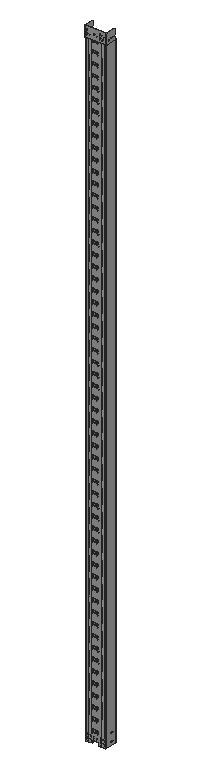
Revit family "Kabelrinne MKSM- MKSM 610 FS", category Generic Models, Revit 2017
Family settings
  Can host rebar = No
  Round Connector Dimension = Use Diameter
  Part Type = Normal
  Work Plane-Based = No
  Always vertical = Yes
  Cut with Voids When Loaded = No
  Shared = No
  Room Calculation Point = No
Parameters (values of type "MKSM 610 FS")
  Width/2 = Width 2 / 2  # 51.75 mm
  Width 2 = 103.5 mm
  Width 1 = Width / 2  # 50 mm
  Width = 100 mm
  URL = "http://www.obo-bettermann.com"
  Material = Strip galvanised
  Manufacturer Art.No. = "6059000"
  Manufacturer = "OBO BETTERMANN"
  Length = 3000 mm
  GTIN = "4012195829553"
  Cut's space 2 = 101.7 mm
  Cut's space = 50.8 mm
  Cut's number 3 = 28
  Cut's number 2 = 2
  Cut's number = Length / Cut's space  # 59
  Article Type = "MKSM 610 FS"
Reference planes
  plane 1 "Center (Front/Back)": y = 0
  plane 2: z = 0
  plane 3 "Center (Left/Right)": x = 0
  plane 4: y = 54
  plane 5: y = 54
  plane 6: x = -31
  plane 7: x = 31
  plane 8: y = -3.5
  plane 9: z = 3000
  plane 10: y = 48.25
  plane 11: y = -1.75
  plane 12: x = -51.75
  plane 13: x = 51.75
  plane 14: z = 3051.5
  plane 15: y = 17.5
  plane 16: y = 13.25
  plane 17: z = 3023.5
  plane 18: z = 3006.53
  plane 19: z = 3015.03
  plane 20: z = 3021.5
  plane 21: y = 21.485
  plane 22: y = -0.765
  plane 23: z = 3036.5
  plane 24: y = -0.805
  plane 25: y = 17.5
  plane 26: z = 3006.53
  plane 27: z = 3023.5
  plane 28: y = 9
  plane 29: y = 21.445
  plane 30: z = 3021.5
  plane 31: z = 3016.5
  plane 32: z = 3016.624
  plane 33: z = 3024.527
  plane 34: z = 3013.5
  plane 35: y = 24.795
  plane 36: y = 28.795
  plane 37: z = 3041.5
  plane 38: z = 3031.5
  plane 39: y = 10.722
  plane 40: y = 19.972
  plane 41: z = 35.85
  plane 42: z = 10.3
  plane 43: y = 32.222
  plane 44: y = 36.222
  plane 45: y = 28.222
  plane 46: z = 14.7
  plane 47: z = 50.8
  plane 48: y = 24.722
  plane 49: y = 36.222
  plane 50: y = 11.222
  plane 51: z = 10.3
  plane 52: y = 19.972
  plane 53: z = 35.85
  plane 54: y = 10.722
  plane 55: y = 11.966
  plane 56: y = 36.222
  plane 57: y = 24.722
  plane 58: z = 14.7
  plane 59: x = -0.25
  plane 60: z = 3026.08
  plane 61: x = 30.75
  plane 62: x = -31.25
  plane 63: z = 152.5
  plane 64: x = 31
  plane 65: x = -31
  plane 66: z = 254.215
  plane 67: x = 31
  plane 68: x = -31
  plane 69: z = 355.931
  plane 70: x = 31
  plane 71: x = -31
  plane 72: z = 457.646
  plane 73: x = 31
  plane 74: x = -31
  plane 75: z = 559.362
  plane 76: x = 31
  plane 77: x = -31
  plane 78: z = 661.077
  plane 79: x = 31
  plane 80: x = -31
  plane 81: z = 762.793
  plane 82: x = 31
  plane 83: x = -31
  plane 84: z = 864.508
  plane 85: x = 31
  plane 86: x = -31
  plane 87: z = 966.224
  plane 88: x = 31
  plane 89: x = -31
  plane 90: z = 1067.939
  plane 91: x = 31
  plane 92: x = -31
  plane 93: z = 1169.655
  plane 94: x = 31
  plane 95: x = -31
  plane 96: z = 1271.37
  plane 97: x = 31
  plane 98: x = -31
  plane 99: z = 1373.085
  plane 100: x = 31
  plane 101: x = -31
  plane 102: z = 1474.801
  plane 103: x = 31
  plane 104: x = -31
  plane 105: z = 1576.516
  plane 106: x = 31
  plane 107: x = -31
  plane 108: z = 1678.232
  plane 109: x = 31
  plane 110: x = -31
  plane 111: z = 1779.947
  plane 112: x = 31
  plane 113: x = -31
  plane 114: z = 1881.663
  plane 115: x = 31
  plane 116: x = -31
  plane 117: z = 1983.378
  plane 118: x = 31
  plane 119: x = -31
  plane 120: z = 2085.094
  plane 121: x = 31
  plane 122: x = -31
  plane 123: z = 2186.809
  plane 124: x = 31
  plane 125: x = -31
  plane 126: z = 2288.525
  plane 127: x = 31
  plane 128: x = -31
  plane 129: z = 2390.24
  plane 130: x = 31
  plane 131: x = -31
  plane 132: z = 2491.956
  plane 133: x = 31
  plane 134: x = -31
  plane 135: z = 2593.671
  plane 136: x = 31
  plane 137: x = -31
  plane 138: z = 2695.386
  plane 139: x = 31
  plane 140: x = -31
  plane 141: z = 2797.102
  plane 142: x = 31
  plane 143: x = -31
  plane 144: z = 2898.817
  plane 145: x = 31
  plane 146: x = -31
  plane 147: z = 152.5
  plane 148: x = -31
  plane 149: z = 254.172
  plane 150: x = -31
  plane 151: z = 355.843
  plane 152: x = -31
  plane 153: z = 457.515
  plane 154: x = -31
  plane 155: z = 559.187
  plane 156: x = -31
  plane 157: z = 660.859
  plane 158: x = -31
  plane 159: z = 762.53
  plane 160: x = -31
  plane 161: z = 864.202
  plane 162: x = -31
  plane 163: z = 965.874
  plane 164: x = -31
  plane 165: z = 1067.546
  plane 166: x = -31
  plane 167: z = 1169.217
  plane 168: x = -31
  plane 169: z = 1270.889
  plane 170: x = -31
  plane 171: z = 1372.561
  plane 172: x = -31
  plane 173: z = 1474.233
  plane 174: x = -31
  plane 175: z = 1575.904
  plane 176: x = -31
  plane 177: z = 1677.576
  plane 178: x = -31
  plane 179: z = 1779.248
  plane 180: x = -31
  plane 181: z = 1880.919
  plane 182: x = -31
  plane 183: z = 1982.591
  plane 184: x = -31
  plane 185: z = 2084.263
  plane 186: x = -31
  plane 187: z = 2185.935
  plane 188: x = -31
  plane 189: z = 2287.606
  plane 190: x = -31
  plane 191: z = 2389.278
  plane 192: x = -31
  plane 193: z = 2490.95
  plane 194: x = -31
  plane 195: z = 2592.622
  plane 196: x = -31
  plane 197: z = 2694.293
  plane 198: x = -31
  plane 199: z = 2795.965
  plane 200: x = -31
  plane 201: z = 2897.637
  plane 202: x = -31
  plane 203: x = 31
  plane 204: x = -31
  plane 205: z = 25.1
  plane 206: z = 29.85
  plane 207: z = 20.35
  plane 208: x = -31
  plane 209: x = 31
  plane 210: z = 25.1
  plane 211: z = 29.85
  plane 212: z = 20.35
  plane 213: z = 25.1
  plane 214: x = 5
  plane 215: z = 27.1
  plane 216: z = 23.1
  plane 217: x = 2.979
  plane 218: z = 28.1
  plane 219: z = 22.1
  plane 220: z = 76.25
  plane 221: y = 11.222
  plane 222: y = 36.222
  plane 223: z = 127.039
  plane 224: y = 11.222
  plane 225: y = 36.222
  plane 226: z = 177.827
  plane 227: y = 11.222
  plane 228: y = 36.222
  plane 229: z = 228.616
  plane 230: y = 11.222
  plane 231: y = 36.222
  plane 232: z = 279.405
  plane 233: y = 11.222
  plane 234: y = 36.222
  plane 235: z = 330.193
  plane 236: y = 11.222
  plane 237: y = 36.222
  plane 238: z = 380.982
  plane 239: y = 11.222
  plane 240: y = 36.222
  plane 241: z = 431.771
  plane 242: y = 11.222
  plane 243: y = 36.222
  plane 244: z = 482.559
  plane 245: y = 11.222
  plane 246: y = 36.222
  plane 247: z = 533.348
  plane 248: y = 11.222
  plane 249: y = 36.222
  plane 250: z = 584.137
  plane 251: y = 11.222
  plane 252: y = 36.222
  plane 253: z = 634.925
  plane 254: y = 11.222
  plane 255: y = 36.222
  plane 256: z = 685.714
  plane 257: y = 11.222
  plane 258: y = 36.222
  plane 259: z = 736.503
  plane 260: y = 11.222
  plane 261: y = 36.222
  plane 262: z = 787.292
  plane 263: y = 11.222
  plane 264: y = 36.222
  plane 265: z = 838.08
  plane 266: y = 11.222
  plane 267: y = 36.222
  plane 268: z = 888.869
  plane 269: y = 11.222
  plane 270: y = 36.222
  plane 271: z = 939.658
  plane 272: y = 11.222
  plane 273: y = 36.222
  plane 274: z = 990.446
  plane 275: y = 11.222
  plane 276: y = 36.222
  plane 277: z = 1041.235
  plane 278: y = 11.222
  plane 279: y = 36.222
  plane 280: z = 1092.024
  plane 281: y = 11.222
  plane 282: y = 36.222
  plane 283: z = 1142.812
  plane 284: y = 11.222
  plane 285: y = 36.222
  plane 286: z = 1193.601
  plane 287: y = 11.222
  plane 288: y = 36.222
  plane 289: z = 1244.39
  plane 290: y = 11.222
  plane 291: y = 36.222
  plane 292: z = 1295.178
  plane 293: y = 11.222
  plane 294: y = 36.222
  plane 295: z = 1345.967
  plane 296: y = 11.222
  plane 297: y = 36.222
  plane 298: z = 1396.756
  plane 299: y = 11.222
  plane 300: y = 36.222
  plane 301: z = 1447.544
  plane 302: y = 11.222
  plane 303: y = 36.222
  plane 304: z = 1498.333
  plane 305: y = 11.222
  plane 306: y = 36.222
  plane 307: z = 1549.122
  plane 308: y = 11.222
  plane 309: y = 36.222
  plane 310: z = 1599.91
  plane 311: y = 11.222
  plane 312: y = 36.222
  plane 313: z = 1650.699
  plane 314: y = 11.222
  plane 315: y = 36.222
  plane 316: z = 1701.488
  plane 317: y = 11.222
  plane 318: y = 36.222
  plane 319: z = 1752.276
  plane 320: y = 11.222
  plane 321: y = 36.222
  plane 322: z = 1803.065
  plane 323: y = 11.222
  plane 324: y = 36.222
  plane 325: z = 1853.854
  plane 326: y = 11.222
  plane 327: y = 36.222
  plane 328: z = 1904.642
  plane 329: y = 11.222
  plane 330: y = 36.222
  plane 331: z = 1955.431
  plane 332: y = 11.222
  plane 333: y = 36.222
  plane 334: z = 2006.22
  plane 335: y = 11.222
  plane 336: y = 36.222
  plane 337: z = 2057.009
  plane 338: y = 11.222
  plane 339: y = 36.222
  plane 340: z = 2107.797
  plane 341: y = 11.222
  plane 342: y = 36.222
  plane 343: z = 2158.586
  plane 344: y = 11.222
  plane 345: y = 36.222
  plane 346: z = 2209.375
  plane 347: y = 11.222
  plane 348: y = 36.222
  plane 349: z = 2260.163
  plane 350: y = 11.222
  plane 351: y = 36.222
  plane 352: z = 2310.952
  plane 353: y = 11.222
  plane 354: y = 36.222
  plane 355: z = 2361.741
  plane 356: y = 11.222
  plane 357: y = 36.222
  plane 358: z = 2412.529
  plane 359: y = 11.222
  plane 360: y = 36.222
  plane 361: z = 2463.318
  plane 362: y = 11.222
  plane 363: y = 36.222
  plane 364: z = 2514.107
  plane 365: y = 11.222
  plane 366: y = 36.222
  plane 367: z = 2564.895
  plane 368: y = 11.222
  plane 369: y = 36.222
  plane 370: z = 2615.684
  plane 371: y = 11.222
  plane 372: y = 36.222
  plane 373: z = 2666.473
  plane 374: y = 11.222
  plane 375: y = 36.222
  plane 376: z = 2717.261
  plane 377: y = 11.222
  plane 378: y = 36.222
  plane 379: z = 2768.05
  plane 380: y = 11.222
  plane 381: y = 36.222
  plane 382: z = 2818.839
  plane 383: y = 11.222
  plane 384: y = 36.222
  plane 385: z = 2869.627
  plane 386: y = 11.222
  plane 387: y = 36.222
  plane 388: z = 2920.416
  plane 389: y = 11.222
  plane 390: y = 36.222
  plane 391: z = 2971.205
  plane 392: y = 11.222
  plane 393: y = 36.222
  plane 394: z = 76.25
  plane 395: y = 11.222
  plane 396: y = 36.222
  plane 397: z = 127.016
  plane 398: y = 11.222
  plane 399: y = 36.222
  plane 400: z = 177.781
  plane 401: y = 11.222
  plane 402: y = 36.222
  plane 403: z = 228.547
  plane 404: y = 11.222
  plane 405: y = 36.222
  plane 406: z = 279.312
  plane 407: y = 11.222
  plane 408: y = 36.222
  plane 409: z = 330.078
  plane 410: y = 11.222
  plane 411: y = 36.222
  plane 412: z = 380.843
  plane 413: y = 11.222
  plane 414: y = 36.222
  plane 415: z = 431.609
  plane 416: y = 11.222
  plane 417: y = 36.222
  plane 418: z = 482.375
  plane 419: y = 11.222
  plane 420: y = 36.222
  plane 421: z = 533.14
  plane 422: y = 11.222
  plane 423: y = 36.222
  plane 424: z = 583.906
  plane 425: y = 11.222
  plane 426: y = 36.222
  plane 427: z = 634.671
  plane 428: y = 11.222
  plane 429: y = 36.222
  plane 430: z = 685.437
  plane 431: y = 11.222
  plane 432: y = 36.222
  plane 433: z = 736.202
  plane 434: y = 11.222
  plane 435: y = 36.222
  plane 436: z = 786.968
  plane 437: y = 11.222
  plane 438: y = 36.222
  plane 439: z = 837.734
  plane 440: y = 11.222
  plane 441: y = 36.222
  plane 442: z = 888.499
  plane 443: y = 11.222
  plane 444: y = 36.222
  plane 445: z = 939.265
  plane 446: y = 11.222
  plane 447: y = 36.222
  plane 448: z = 990.03
  plane 449: y = 11.222
  plane 450: y = 36.222
  plane 451: z = 1040.796
  plane 452: y = 11.222
  plane 453: y = 36.222
  plane 454: z = 1091.562
  plane 455: y = 11.222
  plane 456: y = 36.222
  plane 457: z = 1142.327
  plane 458: y = 11.222
  plane 459: y = 36.222
  plane 460: z = 1193.093
  plane 461: y = 11.222
  plane 462: y = 36.222
  plane 463: z = 1243.858
  plane 464: y = 11.222
  plane 465: y = 36.222
  plane 466: z = 1294.624
  plane 467: y = 11.222
  plane 468: y = 36.222
  plane 469: z = 1345.389
  plane 470: y = 11.222
  plane 471: y = 36.222
  plane 472: z = 1396.155
  plane 473: y = 11.222
  plane 474: y = 36.222
  plane 475: z = 1446.921
  plane 476: y = 11.222
  plane 477: y = 36.222
  plane 478: z = 1497.686
  plane 479: y = 11.222
  plane 480: y = 36.222
  plane 481: z = 1548.452
  plane 482: y = 11.222
  plane 483: y = 36.222
  plane 484: z = 1599.217
  plane 485: y = 11.222
  plane 486: y = 36.222
  plane 487: z = 1649.983
  plane 488: y = 11.222
  plane 489: y = 36.222
  plane 490: z = 1700.748
  plane 491: y = 11.222
  plane 492: y = 36.222
  plane 493: z = 1751.514
  plane 494: y = 11.222
  plane 495: y = 36.222
  plane 496: z = 1802.28
  plane 497: y = 11.222
  plane 498: y = 36.222
  plane 499: z = 1853.045
  plane 500: y = 11.222
  plane 501: y = 36.222
  plane 502: z = 1903.811
  plane 503: y = 11.222
  plane 504: y = 36.222
  plane 505: z = 1954.576
  plane 506: y = 11.222
  plane 507: y = 36.222
  plane 508: z = 2005.342
  plane 509: y = 11.222
  plane 510: y = 36.222
  plane 511: z = 2056.107
  plane 512: y = 11.222
  plane 513: y = 36.222
  plane 514: z = 2106.873
  plane 515: y = 11.222
  plane 516: y = 36.222
  plane 517: z = 2157.639
  plane 518: y = 11.222
  plane 519: y = 36.222
  plane 520: z = 2208.404
  plane 521: y = 11.222
  plane 522: y = 36.222
  plane 523: z = 2259.17
  plane 524: y = 11.222
  plane 525: y = 36.222
  plane 526: z = 2309.935
  plane 527: y = 11.222
  plane 528: y = 36.222
  plane 529: z = 2360.701
  plane 530: y = 11.222
  plane 531: y = 36.222
  plane 532: z = 2411.466
  plane 533: y = 11.222
  plane 534: y = 36.222
  plane 535: z = 2462.232
  plane 536: y = 11.222
  plane 537: y = 36.222
  plane 538: z = 2512.998
  plane 539: y = 11.222
  plane 540: y = 36.222
  plane 541: z = 2563.763
  plane 542: y = 11.222
  plane 543: y = 36.222
  plane 544: z = 2614.529
  plane 545: y = 11.222
  plane 546: y = 36.222
  plane 547: z = 2665.294
  plane 548: y = 11.222
  plane 549: y = 36.222
  plane 550: z = 2716.06
  plane 551: y = 11.222
  plane 552: y = 36.222
  plane 553: z = 2766.825
  plane 554: y = 11.222
  plane 555: y = 36.222
  plane 556: z = 2817.591
  plane 557: y = 11.222
  plane 558: y = 36.222
  plane 559: z = 2868.357
  plane 560: y = 11.222
  plane 561: y = 36.222
  plane 562: z = 2919.122
  plane 563: y = 11.222
  plane 564: y = 36.222
  plane 565: z = 2969.888
  plane 566: y = 11.222
  plane 567: y = 36.222
Forms (mm)
  Extrusion 1, solid, material "Strip galvanised" <- "Material"
    sketch origin (0, 0, 0) x (1, 0, 0) y (0, 1, 0)
      loop
        arc (-50, 2) -> (-49.414, 0.586) -> (-48, 0) r 2
        line (-48, 0) -> (-37.067, 0) -> (-32.131, -2.852)
        arc (-32.131, -2.852) -> (-30.93, -3.154) -> (-29.75, -2.778) r 2.26
        line (-29.75, -2.778) -> (-24.933, 0) -> (24.938, 0) -> (29.75, -2.778)
        arc (29.75, -2.778) -> (31, -3.113) -> (32.25, -2.778) r 2.5
        line (32.25, -2.778) -> (37.062, 0) -> (48, 0)
        arc (48, 0) -> (49.414, 0.586) -> (50, 2) r 2
        line (50, 2) -> (50, 54)
        arc (50, 54) -> (44.006, 59.994) -> (38.011, 54) r 5.994
        line (38.011, 54) -> (38.011, 51.033) -> (39.011, 51.033) -> (39.011, 54)
        arc (39.011, 54) -> (44.006, 58.994) -> (49, 54) r 4.994
        line (49, 54) -> (49, 2)
        arc (49, 2) -> (48.707, 1.293) -> (48, 1) r 1
        line (48, 1) -> (36.794, 1) -> (31.75, -1.912)
        arc (31.75, -1.912) -> (31, -2.113) -> (30.25, -1.912) r 1.5
        line (30.25, -1.912) -> (25.206, 1) -> (-25.201, 1) -> (-30.25, -1.912)
        arc (-30.25, -1.912) -> (-31, -2.113) -> (-31.75, -1.912) r 1.501
        line (-31.75, -1.912) -> (-36.799, 1) -> (-48, 1)
        arc (-48, 1) -> (-48.707, 1.293) -> (-49, 2) r 1
        line (-49, 2) -> (-49, 54)
        arc (-49, 54) -> (-44, 59) -> (-39, 54) r 5
        line (-39, 54) -> (-39, 51.001) -> (-38, 51.001) -> (-38, 54)
        arc (-38, 54) -> (-44, 60) -> (-50, 54) r 6
        line (-50, 54) -> (-50, 2)
    from 0 to 3000
  Extrusion 2, solid, material "Strip galvanised" <- "Material"
    sketch origin (0, 0, 0) x (1, 0, 0) y (0, 1, 0)
      loop
        line (-51.75, 48.25) -> (-51.75, 1.75)
        arc (-51.75, 1.75) -> (-50.725, -0.725) -> (-48.25, -1.75) r 3.5
        line (-48.25, -1.75) -> (48.25, -1.75)
        arc (48.25, -1.75) -> (50.725, -0.725) -> (51.75, 1.75) r 3.5
        line (51.75, 1.75) -> (51.75, 48.25) -> (50.75, 48.25) -> (50.75, 1.75)
        arc (50.75, 1.75) -> (50.018, -0.018) -> (48.25, -0.75) r 2.5
        line (48.25, -0.75) -> (-48.25, -0.75)
        arc (-48.25, -0.75) -> (-50.018, -0.018) -> (-50.75, 1.75) r 2.5
        line (-50.75, 1.75) -> (-50.75, 48.25) -> (-51.75, 48.25)
    from 3000 to 3051.5
  Extrusion 3, void
    sketch origin (0, 0, 0) x (0, 1, 0) y (0, 0, 1)
      loop
        arc (9, 3010.78) -> (13.25, 3006.53) -> (17.5, 3010.78) r 4.25
        line (17.5, 3010.78) -> (17.5, 3019.28)
        arc (17.5, 3019.28) -> (13.25, 3023.53) -> (9, 3019.28) r 4.25
        line (9, 3019.28) -> (9, 3010.78)
    from 50.75 to 51.75
  Extrusion 4, void
    sketch origin (0, 0, 0) x (0, 1, 0) y (0, 0, 1)
      loop
        line (21.485, 3021.5) -> (21.485, 3018)
        arc (21.485, 3018) -> (21.925, 3016.939) -> (22.985, 3016.5) r 1.5
        line (22.985, 3016.5) -> (40.112, 3016.5) -> (48.25, 3013.538) -> (48.25, 3024.467) -> (40.099, 3021.5) -> (21.485, 3021.5)
      loop
        line (48.25, 3051.5) -> (40.003, 3051.5) -> (48.25, 3048.498) -> (48.25, 3051.5)
      loop
        line (24.835, 3041.49) -> (24.835, 3031.5) -> (28.835, 3031.5) -> (28.835, 3041.49) -> (24.835, 3041.49)
    from 50.75 to 51.75
  Extrusion 5, void
    sketch origin (0, 0, 0) x (0, 1, 0) y (0, 0, 1)
      loop
        line (48.26, 3024.5) -> (40.017, 3021.5) -> (21.445, 3021.5) -> (21.445, 3018)
        arc (21.445, 3018) -> (21.885, 3016.939) -> (22.945, 3016.5) r 1.5
        line (22.945, 3016.5) -> (40.138, 3016.5) -> (48.26, 3013.544) -> (48.26, 3024.5)
      loop
        line (9, 3019.28) -> (9, 3010.78)
        arc (9, 3010.78) -> (13.25, 3006.53) -> (17.5, 3010.78) r 4.25
        line (17.5, 3010.78) -> (17.5, 3019.28)
        arc (17.5, 3019.28) -> (13.25, 3023.53) -> (9, 3019.28) r 4.25
      loop
        line (48.25, 3051.5) -> (40.003, 3051.5) -> (48.25, 3048.498) -> (48.25, 3051.5)
      loop
        line (28.835, 3041.5) -> (24.835, 3041.5) -> (24.835, 3031.5) -> (28.835, 3031.5) -> (28.835, 3041.5)
    from -50 to -52.437
  Extrusion 6, void
    sketch origin (0, 0, 0) x (0, 1, 0) y (0, 0, 1)
      loop
        line (44.972, 12.802) -> (44.972, 20.8) -> (19.972, 20.8) -> (19.972, 12.802) -> (28.222, 12.802) -> (28.222, 10.3) -> (36.222, 10.3) -> (36.222, 12.802) -> (44.972, 12.802)
      loop
        arc (6.722, 10.285) -> (10.722, 6.285) -> (14.722, 10.285) r 4
        line (14.722, 10.285) -> (14.722, 19.115)
        arc (14.722, 19.115) -> (10.722, 23.115) -> (6.722, 19.115) r 4
        line (6.722, 19.115) -> (6.722, 10.285)
      loop
        line (19.972, 50.8) -> (44.972, 50.8) -> (44.972, 58.845) -> (36.222, 58.845) -> (36.222, 61.328) -> (28.222, 61.328) -> (28.222, 58.845) -> (19.972, 58.845) -> (19.972, 50.8)
      loop
        line (20.722, 39.85) -> (20.722, 31.85) -> (28.722, 31.85) -> (28.722, 39.85) -> (20.722, 39.85)
      loop
        arc (7.722, 31.85) -> (11.222, 28.35) -> (14.722, 31.85) r 3.5
        line (14.722, 31.85) -> (14.722, 39.85)
        arc (14.722, 39.85) -> (11.222, 43.35) -> (7.722, 39.85) r 3.5
        line (7.722, 39.85) -> (7.722, 31.85)
      loop
        arc (32.722, 31.85) -> (36.222, 28.35) -> (39.722, 31.85) r 3.5
        line (39.722, 31.85) -> (39.722, 39.85)
        arc (39.722, 39.85) -> (36.222, 43.35) -> (32.722, 39.85) r 3.5
        line (32.722, 39.85) -> (32.722, 31.85)
    from 49 to 50
  Extrusion 7, void
    sketch origin (0, 0, 0) x (0, 1, 0) y (0, 0, 1)
      loop
        line (19.972, 20.8) -> (19.972, 12.802) -> (28.222, 12.802) -> (28.222, 10.3) -> (36.222, 10.3) -> (36.222, 12.802) -> (44.972, 12.802) -> (44.972, 20.8) -> (19.972, 20.8)
      loop
        line (19.972, 58.845) -> (19.972, 50.8) -> (44.972, 50.8) -> (44.972, 58.845) -> (36.222, 58.845) -> (36.222, 61.328) -> (28.222, 61.328) -> (28.222, 58.845) -> (19.972, 58.845)
      loop
        line (28.722, 35.85) -> (28.722, 39.85) -> (20.722, 39.85) -> (20.722, 31.85) -> (28.722, 31.85) -> (28.722, 35.85)
      loop
        line (39.722, 31.85) -> (39.722, 39.85)
        arc (39.722, 39.85) -> (36.222, 43.35) -> (32.722, 39.85) r 3.5
        line (32.722, 39.85) -> (32.722, 31.85)
        arc (32.722, 31.85) -> (36.222, 28.35) -> (39.722, 31.85) r 3.5
      loop
        line (14.722, 31.85) -> (14.722, 39.85)
        arc (14.722, 39.85) -> (11.222, 43.35) -> (7.722, 39.85) r 3.5
        line (7.722, 39.85) -> (7.722, 31.85)
        arc (7.722, 31.85) -> (11.222, 28.35) -> (14.722, 31.85) r 3.5
      loop
        line (14.722, 10.285) -> (14.722, 19.115)
        arc (14.722, 19.115) -> (10.722, 23.115) -> (6.722, 19.115) r 4
        line (6.722, 19.115) -> (6.722, 10.285)
        arc (6.722, 10.285) -> (10.722, 6.285) -> (14.722, 10.285) r 4
    from -49 to -49.964
  Extrusion 8, void
    sketch origin (0, 0, 0) x (1, 0, 0) y (0, 0, 1)
      loop
        line (7.75, 3029.58) -> (-8.25, 3029.58) -> (-8.25, 3022.58) -> (7.75, 3022.58) -> (7.75, 3029.58)
      loop
        line (38.75, 3037.18) -> (22.75, 3037.18) -> (22.75, 3029.58) -> (38.75, 3029.58) -> (38.75, 3037.18)
      loop
        line (38.75, 3022.58) -> (22.75, 3022.58) -> (22.75, 3014.98) -> (38.75, 3014.98) -> (38.75, 3022.58)
      loop
        line (-23.25, 3037.18) -> (-39.25, 3037.18) -> (-39.25, 3029.58) -> (-23.25, 3029.58) -> (-23.25, 3037.18)
      loop
        line (-23.25, 3022.58) -> (-39.25, 3022.58) -> (-39.25, 3014.98) -> (-23.25, 3014.98) -> (-23.25, 3022.58)
    from 0.75 to 1.75
  Extrusion 9, void
    sketch origin (0, 0, 0) x (1, 0, 0) y (0, 0, 1)
      loop
        line (15, 0) -> (15, 12.71) -> (-15, 12.71) -> (-15, -5.273) -> (15, -5.273) -> (15, 0)
    from 0 to -1
  Extrusion 10, void
    sketch origin (0, 0, 50.813) x (1, 0, 0) y (0, 0, 1)
      loop
        line (15, 0) -> (15, 12.71) -> (-15, 12.71) -> (-15, -5.273) -> (15, -5.273) -> (15, 0)
    from 0 to -1
  Extrusion 11, void
    sketch origin (0, 0, 101.625) x (1, 0, 0) y (0, 0, 1)
      loop
        line (15, 0) -> (15, 12.71) -> (-15, 12.71) -> (-15, -5.273) -> (15, -5.273) -> (15, 0)
    from 0 to -1
  Extrusion 12, void
    sketch origin (0, 0, 152.438) x (1, 0, 0) y (0, 0, 1)
      loop
        line (15, 0) -> (15, 12.71) -> (-15, 12.71) -> (-15, -5.273) -> (15, -5.273) -> (15, 0)
    from 0 to -1
  Extrusion 13, void
    sketch origin (0, 0, 203.251) x (1, 0, 0) y (0, 0, 1)
      loop
        line (15, 0) -> (15, 12.71) -> (-15, 12.71) -> (-15, -5.273) -> (15, -5.273) -> (15, 0)
    from 0 to -1
  Extrusion 14, void
    sketch origin (0, 0, 254.064) x (1, 0, 0) y (0, 0, 1)
      loop
        line (15, 0) -> (15, 12.71) -> (-15, 12.71) -> (-15, -5.273) -> (15, -5.273) -> (15, 0)
    from 0 to -1
  Extrusion 15, void
    sketch origin (0, 0, 304.876) x (1, 0, 0) y (0, 0, 1)
      loop
        line (15, 0) -> (15, 12.71) -> (-15, 12.71) -> (-15, -5.273) -> (15, -5.273) -> (15, 0)
    from 0 to -1
  Extrusion 16, void
    sketch origin (0, 0, 355.689) x (1, 0, 0) y (0, 0, 1)
      loop
        line (15, 0) -> (15, 12.71) -> (-15, 12.71) -> (-15, -5.273) -> (15, -5.273) -> (15, 0)
    from 0 to -1
  Extrusion 17, void
    sketch origin (0, 0, 406.502) x (1, 0, 0) y (0, 0, 1)
      loop
        line (15, 0) -> (15, 12.71) -> (-15, 12.71) -> (-15, -5.273) -> (15, -5.273) -> (15, 0)
    from 0 to -1
  Extrusion 18, void
    sketch origin (0, 0, 457.315) x (1, 0, 0) y (0, 0, 1)
      loop
        line (15, 0) -> (15, 12.71) -> (-15, 12.71) -> (-15, -5.273) -> (15, -5.273) -> (15, 0)
    from 0 to -1
  Extrusion 19, void
    sketch origin (0, 0, 508.127) x (1, 0, 0) y (0, 0, 1)
      loop
        line (15, 0) -> (15, 12.71) -> (-15, 12.71) -> (-15, -5.273) -> (15, -5.273) -> (15, 0)
    from 0 to -1
  Extrusion 20, void
    sketch origin (0, 0, 558.94) x (1, 0, 0) y (0, 0, 1)
      loop
        line (15, 0) -> (15, 12.71) -> (-15, 12.71) -> (-15, -5.273) -> (15, -5.273) -> (15, 0)
    from 0 to -1
  Extrusion 21, void
    sketch origin (0, 0, 609.753) x (1, 0, 0) y (0, 0, 1)
      loop
        line (15, 0) -> (15, 12.71) -> (-15, 12.71) -> (-15, -5.273) -> (15, -5.273) -> (15, 0)
    from 0 to -1
  Extrusion 22, void
    sketch origin (0, 0, 660.566) x (1, 0, 0) y (0, 0, 1)
      loop
        line (15, 0) -> (15, 12.71) -> (-15, 12.71) -> (-15, -5.273) -> (15, -5.273) -> (15, 0)
    from 0 to -1
  Extrusion 23, void
    sketch origin (0, 0, 711.378) x (1, 0, 0) y (0, 0, 1)
      loop
        line (15, 0) -> (15, 12.71) -> (-15, 12.71) -> (-15, -5.273) -> (15, -5.273) -> (15, 0)
    from 0 to -1
  Extrusion 24, void
    sketch origin (0, 0, 762.191) x (1, 0, 0) y (0, 0, 1)
      loop
        line (15, 0) -> (15, 12.71) -> (-15, 12.71) -> (-15, -5.273) -> (15, -5.273) -> (15, 0)
    from 0 to -1
  Extrusion 25, void
    sketch origin (0, 0, 813.004) x (1, 0, 0) y (0, 0, 1)
      loop
        line (15, 0) -> (15, 12.71) -> (-15, 12.71) -> (-15, -5.273) -> (15, -5.273) -> (15, 0)
    from 0 to -1
  Extrusion 26, void
    sketch origin (0, 0, 863.816) x (1, 0, 0) y (0, 0, 1)
      loop
        line (15, 0) -> (15, 12.71) -> (-15, 12.71) -> (-15, -5.273) -> (15, -5.273) -> (15, 0)
    from 0 to -1
  Extrusion 27, void
    sketch origin (0, 0, 914.629) x (1, 0, 0) y (0, 0, 1)
      loop
        line (15, 0) -> (15, 12.71) -> (-15, 12.71) -> (-15, -5.273) -> (15, -5.273) -> (15, 0)
    from 0 to -1
  Extrusion 28, void
    sketch origin (0, 0, 965.442) x (1, 0, 0) y (0, 0, 1)
      loop
        line (15, 0) -> (15, 12.71) -> (-15, 12.71) -> (-15, -5.273) -> (15, -5.273) -> (15, 0)
    from 0 to -1
  Extrusion 29, void
    sketch origin (0, 0, 1016.255) x (1, 0, 0) y (0, 0, 1)
      loop
        line (15, 0) -> (15, 12.71) -> (-15, 12.71) -> (-15, -5.273) -> (15, -5.273) -> (15, 0)
    from 0 to -1
  Extrusion 30, void
    sketch origin (0, 0, 1067.067) x (1, 0, 0) y (0, 0, 1)
      loop
        line (15, 0) -> (15, 12.71) -> (-15, 12.71) -> (-15, -5.273) -> (15, -5.273) -> (15, 0)
    from 0 to -1
  Extrusion 31, void
    sketch origin (0, 0, 1117.88) x (1, 0, 0) y (0, 0, 1)
      loop
        line (15, 0) -> (15, 12.71) -> (-15, 12.71) -> (-15, -5.273) -> (15, -5.273) -> (15, 0)
    from 0 to -1
  Extrusion 32, void
    sketch origin (0, 0, 1168.693) x (1, 0, 0) y (0, 0, 1)
      loop
        line (15, 0) -> (15, 12.71) -> (-15, 12.71) -> (-15, -5.273) -> (15, -5.273) -> (15, 0)
    from 0 to -1
  Extrusion 33, void
    sketch origin (0, 0, 1219.506) x (1, 0, 0) y (0, 0, 1)
      loop
        line (15, 0) -> (15, 12.71) -> (-15, 12.71) -> (-15, -5.273) -> (15, -5.273) -> (15, 0)
    from 0 to -1
  Extrusion 34, void
    sketch origin (0, 0, 1270.318) x (1, 0, 0) y (0, 0, 1)
      loop
        line (15, 0) -> (15, 12.71) -> (-15, 12.71) -> (-15, -5.273) -> (15, -5.273) -> (15, 0)
    from 0 to -1
  Extrusion 35, void
    sketch origin (0, 0, 1321.131) x (1, 0, 0) y (0, 0, 1)
      loop
        line (15, 0) -> (15, 12.71) -> (-15, 12.71) -> (-15, -5.273) -> (15, -5.273) -> (15, 0)
    from 0 to -1
  Extrusion 36, void
    sketch origin (0, 0, 1371.944) x (1, 0, 0) y (0, 0, 1)
      loop
        line (15, 0) -> (15, 12.71) -> (-15, 12.71) -> (-15, -5.273) -> (15, -5.273) -> (15, 0)
    from 0 to -1
  Extrusion 37, void
    sketch origin (0, 0, 1422.756) x (1, 0, 0) y (0, 0, 1)
      loop
        line (15, 0) -> (15, 12.71) -> (-15, 12.71) -> (-15, -5.273) -> (15, -5.273) -> (15, 0)
    from 0 to -1
  Extrusion 38, void
    sketch origin (0, 0, 1473.569) x (1, 0, 0) y (0, 0, 1)
      loop
        line (15, 0) -> (15, 12.71) -> (-15, 12.71) -> (-15, -5.273) -> (15, -5.273) -> (15, 0)
    from 0 to -1
  Extrusion 39, void
    sketch origin (0, 0, 1524.382) x (1, 0, 0) y (0, 0, 1)
      loop
        line (15, 0) -> (15, 12.71) -> (-15, 12.71) -> (-15, -5.273) -> (15, -5.273) -> (15, 0)
    from 0 to -1
  Extrusion 40, void
    sketch origin (0, 0, 1575.195) x (1, 0, 0) y (0, 0, 1)
      loop
        line (15, 0) -> (15, 12.71) -> (-15, 12.71) -> (-15, -5.273) -> (15, -5.273) -> (15, 0)
    from 0 to -1
  Extrusion 41, void
    sketch origin (0, 0, 1626.007) x (1, 0, 0) y (0, 0, 1)
      loop
        line (15, 0) -> (15, 12.71) -> (-15, 12.71) -> (-15, -5.273) -> (15, -5.273) -> (15, 0)
    from 0 to -1
  Extrusion 42, void
    sketch origin (0, 0, 1676.82) x (1, 0, 0) y (0, 0, 1)
      loop
        line (15, 0) -> (15, 12.71) -> (-15, 12.71) -> (-15, -5.273) -> (15, -5.273) -> (15, 0)
    from 0 to -1
  Extrusion 43, void
    sketch origin (0, 0, 1727.633) x (1, 0, 0) y (0, 0, 1)
      loop
        line (15, 0) -> (15, 12.71) -> (-15, 12.71) -> (-15, -5.273) -> (15, -5.273) -> (15, 0)
    from 0 to -1
  Extrusion 44, void
    sketch origin (0, 0, 1778.446) x (1, 0, 0) y (0, 0, 1)
      loop
        line (15, 0) -> (15, 12.71) -> (-15, 12.71) -> (-15, -5.273) -> (15, -5.273) -> (15, 0)
    from 0 to -1
  Extrusion 45, void
    sketch origin (0, 0, 1829.258) x (1, 0, 0) y (0, 0, 1)
      loop
        line (15, 0) -> (15, 12.71) -> (-15, 12.71) -> (-15, -5.273) -> (15, -5.273) -> (15, 0)
    from 0 to -1
  Extrusion 46, void
    sketch origin (0, 0, 1880.071) x (1, 0, 0) y (0, 0, 1)
      loop
        line (15, 0) -> (15, 12.71) -> (-15, 12.71) -> (-15, -5.273) -> (15, -5.273) -> (15, 0)
    from 0 to -1
  Extrusion 47, void
    sketch origin (0, 0, 1930.884) x (1, 0, 0) y (0, 0, 1)
      loop
        line (15, 0) -> (15, 12.71) -> (-15, 12.71) -> (-15, -5.273) -> (15, -5.273) -> (15, 0)
    from 0 to -1
  Extrusion 48, void
    sketch origin (0, 0, 1981.697) x (1, 0, 0) y (0, 0, 1)
      loop
        line (15, 0) -> (15, 12.71) -> (-15, 12.71) -> (-15, -5.273) -> (15, -5.273) -> (15, 0)
    from 0 to -1
  Extrusion 49, void
    sketch origin (0, 0, 2032.509) x (1, 0, 0) y (0, 0, 1)
      loop
        line (15, 0) -> (15, 12.71) -> (-15, 12.71) -> (-15, -5.273) -> (15, -5.273) -> (15, 0)
    from 0 to -1
  Extrusion 50, void
    sketch origin (0, 0, 2083.322) x (1, 0, 0) y (0, 0, 1)
      loop
        line (15, 0) -> (15, 12.71) -> (-15, 12.71) -> (-15, -5.273) -> (15, -5.273) -> (15, 0)
    from 0 to -1
  Extrusion 51, void
    sketch origin (0, 0, 2134.135) x (1, 0, 0) y (0, 0, 1)
      loop
        line (15, 0) -> (15, 12.71) -> (-15, 12.71) -> (-15, -5.273) -> (15, -5.273) -> (15, 0)
    from 0 to -1
  Extrusion 52, void
    sketch origin (0, 0, 2184.947) x (1, 0, 0) y (0, 0, 1)
      loop
        line (15, 0) -> (15, 12.71) -> (-15, 12.71) -> (-15, -5.273) -> (15, -5.273) -> (15, 0)
    from 0 to -1
  Extrusion 53, void
    sketch origin (0, 0, 2235.76) x (1, 0, 0) y (0, 0, 1)
      loop
        line (15, 0) -> (15, 12.71) -> (-15, 12.71) -> (-15, -5.273) -> (15, -5.273) -> (15, 0)
    from 0 to -1
  Extrusion 54, void
    sketch origin (0, 0, 2286.573) x (1, 0, 0) y (0, 0, 1)
      loop
        line (15, 0) -> (15, 12.71) -> (-15, 12.71) -> (-15, -5.273) -> (15, -5.273) -> (15, 0)
    from 0 to -1
  Extrusion 55, void
    sketch origin (0, 0, 2337.386) x (1, 0, 0) y (0, 0, 1)
      loop
        line (15, 0) -> (15, 12.71) -> (-15, 12.71) -> (-15, -5.273) -> (15, -5.273) -> (15, 0)
    from 0 to -1
  Extrusion 56, void
    sketch origin (0, 0, 2388.198) x (1, 0, 0) y (0, 0, 1)
      loop
        line (15, 0) -> (15, 12.71) -> (-15, 12.71) -> (-15, -5.273) -> (15, -5.273) -> (15, 0)
    from 0 to -1
  Extrusion 57, void
    sketch origin (0, 0, 2439.011) x (1, 0, 0) y (0, 0, 1)
      loop
        line (15, 0) -> (15, 12.71) -> (-15, 12.71) -> (-15, -5.273) -> (15, -5.273) -> (15, 0)
    from 0 to -1
  Extrusion 58, void
    sketch origin (0, 0, 2489.824) x (1, 0, 0) y (0, 0, 1)
      loop
        line (15, 0) -> (15, 12.71) -> (-15, 12.71) -> (-15, -5.273) -> (15, -5.273) -> (15, 0)
    from 0 to -1
  Extrusion 59, void
    sketch origin (0, 0, 2540.637) x (1, 0, 0) y (0, 0, 1)
      loop
        line (15, 0) -> (15, 12.71) -> (-15, 12.71) -> (-15, -5.273) -> (15, -5.273) -> (15, 0)
    from 0 to -1
  Extrusion 60, void
    sketch origin (0, 0, 2591.449) x (1, 0, 0) y (0, 0, 1)
      loop
        line (15, 0) -> (15, 12.71) -> (-15, 12.71) -> (-15, -5.273) -> (15, -5.273) -> (15, 0)
    from 0 to -1
  Extrusion 61, void
    sketch origin (0, 0, 2642.262) x (1, 0, 0) y (0, 0, 1)
      loop
        line (15, 0) -> (15, 12.71) -> (-15, 12.71) -> (-15, -5.273) -> (15, -5.273) -> (15, 0)
    from 0 to -1
  Extrusion 62, void
    sketch origin (0, 0, 2693.075) x (1, 0, 0) y (0, 0, 1)
      loop
        line (15, 0) -> (15, 12.71) -> (-15, 12.71) -> (-15, -5.273) -> (15, -5.273) -> (15, 0)
    from 0 to -1
  Extrusion 63, void
    sketch origin (0, 0, 2743.888) x (1, 0, 0) y (0, 0, 1)
      loop
        line (15, 0) -> (15, 12.71) -> (-15, 12.71) -> (-15, -5.273) -> (15, -5.273) -> (15, 0)
    from 0 to -1
  Extrusion 64, void
    sketch origin (0, 0, 2794.7) x (1, 0, 0) y (0, 0, 1)
      loop
        line (15, 0) -> (15, 12.71) -> (-15, 12.71) -> (-15, -5.273) -> (15, -5.273) -> (15, 0)
    from 0 to -1
  Extrusion 65, void
    sketch origin (0, 0, 2845.513) x (1, 0, 0) y (0, 0, 1)
      loop
        line (15, 0) -> (15, 12.71) -> (-15, 12.71) -> (-15, -5.273) -> (15, -5.273) -> (15, 0)
    from 0 to -1
  Extrusion 66, void
    sketch origin (0, 0, 2896.326) x (1, 0, 0) y (0, 0, 1)
      loop
        line (15, 0) -> (15, 12.71) -> (-15, 12.71) -> (-15, -5.273) -> (15, -5.273) -> (15, 0)
    from 0 to -1
  Extrusion 67, void
    sketch origin (0, 0, 2947.138) x (1, 0, 0) y (0, 0, 1)
      loop
        line (15, 0) -> (15, 12.71) -> (-15, 12.71) -> (-15, -5.273) -> (15, -5.273) -> (15, 0)
    from 0 to -1
  Extrusion 68, void
    sketch origin (0, 0, 2997.964) x (1, 0, 0) y (0, 0, 1)
      loop
        line (15, 0) -> (15, 12.71) -> (-15, 12.71) -> (-15, -5.273) -> (15, -5.273) -> (15, 0)
    from 0 to -1
  Extrusion 69, void
    sketch origin (0, 0, 0) x (1, 0, 0) y (0, 0, 1)
      loop
        line (33.825, 116.225) -> (33.825, 188.775)
        arc (33.825, 188.775) -> (31, 191.6) -> (28.175, 188.775) r 2.825
        line (28.175, 188.775) -> (28.175, 116.225)
        arc (28.175, 116.225) -> (31, 113.4) -> (33.825, 116.225) r 2.825
    from -1 to 3.839
  Extrusion 70, void
    sketch origin (0, 0, 101.715) x (1, 0, 0) y (0, 0, 1)
      loop
        line (33.825, 116.225) -> (33.825, 188.775)
        arc (33.825, 188.775) -> (31, 191.6) -> (28.175, 188.775) r 2.825
        line (28.175, 188.775) -> (28.175, 116.225)
        arc (28.175, 116.225) -> (31, 113.4) -> (33.825, 116.225) r 2.825
    from -1 to 3.839
  Extrusion 71, void
    sketch origin (0, 0, 203.431) x (1, 0, 0) y (0, 0, 1)
      loop
        line (33.825, 116.225) -> (33.825, 188.775)
        arc (33.825, 188.775) -> (31, 191.6) -> (28.175, 188.775) r 2.825
        line (28.175, 188.775) -> (28.175, 116.225)
        arc (28.175, 116.225) -> (31, 113.4) -> (33.825, 116.225) r 2.825
    from -1 to 3.839
  Extrusion 72, void
    sketch origin (0, 0, 305.146) x (1, 0, 0) y (0, 0, 1)
      loop
        line (33.825, 116.225) -> (33.825, 188.775)
        arc (33.825, 188.775) -> (31, 191.6) -> (28.175, 188.775) r 2.825
        line (28.175, 188.775) -> (28.175, 116.225)
        arc (28.175, 116.225) -> (31, 113.4) -> (33.825, 116.225) r 2.825
    from -1 to 3.839
  Extrusion 73, void
    sketch origin (0, 0, 406.862) x (1, 0, 0) y (0, 0, 1)
      loop
        line (33.825, 116.225) -> (33.825, 188.775)
        arc (33.825, 188.775) -> (31, 191.6) -> (28.175, 188.775) r 2.825
        line (28.175, 188.775) -> (28.175, 116.225)
        arc (28.175, 116.225) -> (31, 113.4) -> (33.825, 116.225) r 2.825
    from -1 to 3.839
  Extrusion 74, void
    sketch origin (0, 0, 508.577) x (1, 0, 0) y (0, 0, 1)
      loop
        line (33.825, 116.225) -> (33.825, 188.775)
        arc (33.825, 188.775) -> (31, 191.6) -> (28.175, 188.775) r 2.825
        line (28.175, 188.775) -> (28.175, 116.225)
        arc (28.175, 116.225) -> (31, 113.4) -> (33.825, 116.225) r 2.825
    from -1 to 3.839
  Extrusion 75, void
    sketch origin (0, 0, 610.293) x (1, 0, 0) y (0, 0, 1)
      loop
        line (33.825, 116.225) -> (33.825, 188.775)
        arc (33.825, 188.775) -> (31, 191.6) -> (28.175, 188.775) r 2.825
        line (28.175, 188.775) -> (28.175, 116.225)
        arc (28.175, 116.225) -> (31, 113.4) -> (33.825, 116.225) r 2.825
    from -1 to 3.839
  Extrusion 76, void
    sketch origin (0, 0, 712.008) x (1, 0, 0) y (0, 0, 1)
      loop
        line (33.825, 116.225) -> (33.825, 188.775)
        arc (33.825, 188.775) -> (31, 191.6) -> (28.175, 188.775) r 2.825
        line (28.175, 188.775) -> (28.175, 116.225)
        arc (28.175, 116.225) -> (31, 113.4) -> (33.825, 116.225) r 2.825
    from -1 to 3.839
  Extrusion 77, void
    sketch origin (0, 0, 813.724) x (1, 0, 0) y (0, 0, 1)
      loop
        line (33.825, 116.225) -> (33.825, 188.775)
        arc (33.825, 188.775) -> (31, 191.6) -> (28.175, 188.775) r 2.825
        line (28.175, 188.775) -> (28.175, 116.225)
        arc (28.175, 116.225) -> (31, 113.4) -> (33.825, 116.225) r 2.825
    from -1 to 3.839
  Extrusion 78, void
    sketch origin (0, 0, 915.439) x (1, 0, 0) y (0, 0, 1)
      loop
        line (33.825, 116.225) -> (33.825, 188.775)
        arc (33.825, 188.775) -> (31, 191.6) -> (28.175, 188.775) r 2.825
        line (28.175, 188.775) -> (28.175, 116.225)
        arc (28.175, 116.225) -> (31, 113.4) -> (33.825, 116.225) r 2.825
    from -1 to 3.839
  Extrusion 79, void
    sketch origin (0, 0, 1017.155) x (1, 0, 0) y (0, 0, 1)
      loop
        line (33.825, 116.225) -> (33.825, 188.775)
        arc (33.825, 188.775) -> (31, 191.6) -> (28.175, 188.775) r 2.825
        line (28.175, 188.775) -> (28.175, 116.225)
        arc (28.175, 116.225) -> (31, 113.4) -> (33.825, 116.225) r 2.825
    from -1 to 3.839
  Extrusion 80, void
    sketch origin (0, 0, 1118.87) x (1, 0, 0) y (0, 0, 1)
      loop
        line (33.825, 116.225) -> (33.825, 188.775)
        arc (33.825, 188.775) -> (31, 191.6) -> (28.175, 188.775) r 2.825
        line (28.175, 188.775) -> (28.175, 116.225)
        arc (28.175, 116.225) -> (31, 113.4) -> (33.825, 116.225) r 2.825
    from -1 to 3.839
  Extrusion 81, void
    sketch origin (0, 0, 1220.585) x (1, 0, 0) y (0, 0, 1)
      loop
        line (33.825, 116.225) -> (33.825, 188.775)
        arc (33.825, 188.775) -> (31, 191.6) -> (28.175, 188.775) r 2.825
        line (28.175, 188.775) -> (28.175, 116.225)
        arc (28.175, 116.225) -> (31, 113.4) -> (33.825, 116.225) r 2.825
    from -1 to 3.839
  Extrusion 82, void
    sketch origin (0, 0, 1322.301) x (1, 0, 0) y (0, 0, 1)
      loop
        line (33.825, 116.225) -> (33.825, 188.775)
        arc (33.825, 188.775) -> (31, 191.6) -> (28.175, 188.775) r 2.825
        line (28.175, 188.775) -> (28.175, 116.225)
        arc (28.175, 116.225) -> (31, 113.4) -> (33.825, 116.225) r 2.825
    from -1 to 3.839
  Extrusion 83, void
    sketch origin (0, 0, 1424.016) x (1, 0, 0) y (0, 0, 1)
      loop
        line (33.825, 116.225) -> (33.825, 188.775)
        arc (33.825, 188.775) -> (31, 191.6) -> (28.175, 188.775) r 2.825
        line (28.175, 188.775) -> (28.175, 116.225)
        arc (28.175, 116.225) -> (31, 113.4) -> (33.825, 116.225) r 2.825
    from -1 to 3.839
  Extrusion 84, void
    sketch origin (0, 0, 1525.732) x (1, 0, 0) y (0, 0, 1)
      loop
        line (33.825, 116.225) -> (33.825, 188.775)
        arc (33.825, 188.775) -> (31, 191.6) -> (28.175, 188.775) r 2.825
        line (28.175, 188.775) -> (28.175, 116.225)
        arc (28.175, 116.225) -> (31, 113.4) -> (33.825, 116.225) r 2.825
    from -1 to 3.839
  Extrusion 85, void
    sketch origin (0, 0, 1627.447) x (1, 0, 0) y (0, 0, 1)
      loop
        line (33.825, 116.225) -> (33.825, 188.775)
        arc (33.825, 188.775) -> (31, 191.6) -> (28.175, 188.775) r 2.825
        line (28.175, 188.775) -> (28.175, 116.225)
        arc (28.175, 116.225) -> (31, 113.4) -> (33.825, 116.225) r 2.825
    from -1 to 3.839
  Extrusion 86, void
    sketch origin (0, 0, 1729.163) x (1, 0, 0) y (0, 0, 1)
      loop
        line (33.825, 116.225) -> (33.825, 188.775)
        arc (33.825, 188.775) -> (31, 191.6) -> (28.175, 188.775) r 2.825
        line (28.175, 188.775) -> (28.175, 116.225)
        arc (28.175, 116.225) -> (31, 113.4) -> (33.825, 116.225) r 2.825
    from -1 to 3.839
  Extrusion 87, void
    sketch origin (0, 0, 1830.878) x (1, 0, 0) y (0, 0, 1)
      loop
        line (33.825, 116.225) -> (33.825, 188.775)
        arc (33.825, 188.775) -> (31, 191.6) -> (28.175, 188.775) r 2.825
        line (28.175, 188.775) -> (28.175, 116.225)
        arc (28.175, 116.225) -> (31, 113.4) -> (33.825, 116.225) r 2.825
    from -1 to 3.839
  Extrusion 88, void
    sketch origin (0, 0, 1932.594) x (1, 0, 0) y (0, 0, 1)
      loop
        line (33.825, 116.225) -> (33.825, 188.775)
        arc (33.825, 188.775) -> (31, 191.6) -> (28.175, 188.775) r 2.825
        line (28.175, 188.775) -> (28.175, 116.225)
        arc (28.175, 116.225) -> (31, 113.4) -> (33.825, 116.225) r 2.825
    from -1 to 3.839
  Extrusion 89, void
    sketch origin (0, 0, 2034.309) x (1, 0, 0) y (0, 0, 1)
      loop
        line (33.825, 116.225) -> (33.825, 188.775)
        arc (33.825, 188.775) -> (31, 191.6) -> (28.175, 188.775) r 2.825
        line (28.175, 188.775) -> (28.175, 116.225)
        arc (28.175, 116.225) -> (31, 113.4) -> (33.825, 116.225) r 2.825
    from -1 to 3.839
  Extrusion 90, void
    sketch origin (0, 0, 2136.025) x (1, 0, 0) y (0, 0, 1)
      loop
        line (33.825, 116.225) -> (33.825, 188.775)
        arc (33.825, 188.775) -> (31, 191.6) -> (28.175, 188.775) r 2.825
        line (28.175, 188.775) -> (28.175, 116.225)
        arc (28.175, 116.225) -> (31, 113.4) -> (33.825, 116.225) r 2.825
    from -1 to 3.839
  Extrusion 91, void
    sketch origin (0, 0, 2237.74) x (1, 0, 0) y (0, 0, 1)
      loop
        line (33.825, 116.225) -> (33.825, 188.775)
        arc (33.825, 188.775) -> (31, 191.6) -> (28.175, 188.775) r 2.825
        line (28.175, 188.775) -> (28.175, 116.225)
        arc (28.175, 116.225) -> (31, 113.4) -> (33.825, 116.225) r 2.825
    from -1 to 3.839
  Extrusion 92, void
    sketch origin (0, 0, 2339.456) x (1, 0, 0) y (0, 0, 1)
      loop
        line (33.825, 116.225) -> (33.825, 188.775)
        arc (33.825, 188.775) -> (31, 191.6) -> (28.175, 188.775) r 2.825
        line (28.175, 188.775) -> (28.175, 116.225)
        arc (28.175, 116.225) -> (31, 113.4) -> (33.825, 116.225) r 2.825
    from -1 to 3.839
  Extrusion 93, void
    sketch origin (0, 0, 2441.171) x (1, 0, 0) y (0, 0, 1)
      loop
        line (33.825, 116.225) -> (33.825, 188.775)
        arc (33.825, 188.775) -> (31, 191.6) -> (28.175, 188.775) r 2.825
        line (28.175, 188.775) -> (28.175, 116.225)
        arc (28.175, 116.225) -> (31, 113.4) -> (33.825, 116.225) r 2.825
    from -1 to 3.839
  Extrusion 94, void
    sketch origin (0, 0, 2542.886) x (1, 0, 0) y (0, 0, 1)
      loop
        line (33.825, 116.225) -> (33.825, 188.775)
        arc (33.825, 188.775) -> (31, 191.6) -> (28.175, 188.775) r 2.825
        line (28.175, 188.775) -> (28.175, 116.225)
        arc (28.175, 116.225) -> (31, 113.4) -> (33.825, 116.225) r 2.825
    from -1 to 3.839
  Extrusion 95, void
    sketch origin (0, 0, 2644.602) x (1, 0, 0) y (0, 0, 1)
      loop
        line (33.825, 116.225) -> (33.825, 188.775)
        arc (33.825, 188.775) -> (31, 191.6) -> (28.175, 188.775) r 2.825
        line (28.175, 188.775) -> (28.175, 116.225)
        arc (28.175, 116.225) -> (31, 113.4) -> (33.825, 116.225) r 2.825
    from -1 to 3.839
  Extrusion 96, void
    sketch origin (0, 0, 2746.317) x (1, 0, 0) y (0, 0, 1)
      loop
        line (33.825, 116.225) -> (33.825, 188.775)
        arc (33.825, 188.775) -> (31, 191.6) -> (28.175, 188.775) r 2.825
        line (28.175, 188.775) -> (28.175, 116.225)
        arc (28.175, 116.225) -> (31, 113.4) -> (33.825, 116.225) r 2.825
    from -1 to 3.839
  Extrusion 97, void
    sketch origin (0, 0, 0) x (1, 0, 0) y (0, 0, 1)
      loop
        arc (-33.825, 116.225) -> (-31, 113.4) -> (-28.175, 116.225) r 2.825
        line (-28.175, 116.225) -> (-28.175, 188.775)
        arc (-28.175, 188.775) -> (-31, 191.6) -> (-33.825, 188.775) r 2.825
        line (-33.825, 188.775) -> (-33.825, 116.225)
    from -1 to 3.839
  Extrusion 98, void
    sketch origin (0, 0, 101.672) x (1, 0, 0) y (0, 0, 1)
      loop
        arc (-33.825, 116.225) -> (-31, 113.4) -> (-28.175, 116.225) r 2.825
        line (-28.175, 116.225) -> (-28.175, 188.775)
        arc (-28.175, 188.775) -> (-31, 191.6) -> (-33.825, 188.775) r 2.825
        line (-33.825, 188.775) -> (-33.825, 116.225)
    from -1 to 3.839
  Extrusion 99, void
    sketch origin (0, 0, 203.343) x (1, 0, 0) y (0, 0, 1)
      loop
        arc (-33.825, 116.225) -> (-31, 113.4) -> (-28.175, 116.225) r 2.825
        line (-28.175, 116.225) -> (-28.175, 188.775)
        arc (-28.175, 188.775) -> (-31, 191.6) -> (-33.825, 188.775) r 2.825
        line (-33.825, 188.775) -> (-33.825, 116.225)
    from -1 to 3.839
  Extrusion 100, void
    sketch origin (0, 0, 305.015) x (1, 0, 0) y (0, 0, 1)
      loop
        arc (-33.825, 116.225) -> (-31, 113.4) -> (-28.175, 116.225) r 2.825
        line (-28.175, 116.225) -> (-28.175, 188.775)
        arc (-28.175, 188.775) -> (-31, 191.6) -> (-33.825, 188.775) r 2.825
        line (-33.825, 188.775) -> (-33.825, 116.225)
    from -1 to 3.839
  Extrusion 101, void
    sketch origin (0, 0, 406.687) x (1, 0, 0) y (0, 0, 1)
      loop
        arc (-33.825, 116.225) -> (-31, 113.4) -> (-28.175, 116.225) r 2.825
        line (-28.175, 116.225) -> (-28.175, 188.775)
        arc (-28.175, 188.775) -> (-31, 191.6) -> (-33.825, 188.775) r 2.825
        line (-33.825, 188.775) -> (-33.825, 116.225)
    from -1 to 3.839
  Extrusion 102, void
    sketch origin (0, 0, 508.359) x (1, 0, 0) y (0, 0, 1)
      loop
        arc (-33.825, 116.225) -> (-31, 113.4) -> (-28.175, 116.225) r 2.825
        line (-28.175, 116.225) -> (-28.175, 188.775)
        arc (-28.175, 188.775) -> (-31, 191.6) -> (-33.825, 188.775) r 2.825
        line (-33.825, 188.775) -> (-33.825, 116.225)
    from -1 to 3.839
  Extrusion 103, void
    sketch origin (0, 0, 610.03) x (1, 0, 0) y (0, 0, 1)
      loop
        arc (-33.825, 116.225) -> (-31, 113.4) -> (-28.175, 116.225) r 2.825
        line (-28.175, 116.225) -> (-28.175, 188.775)
        arc (-28.175, 188.775) -> (-31, 191.6) -> (-33.825, 188.775) r 2.825
        line (-33.825, 188.775) -> (-33.825, 116.225)
    from -1 to 3.839
  Extrusion 104, void
    sketch origin (0, 0, 711.702) x (1, 0, 0) y (0, 0, 1)
      loop
        arc (-33.825, 116.225) -> (-31, 113.4) -> (-28.175, 116.225) r 2.825
        line (-28.175, 116.225) -> (-28.175, 188.775)
        arc (-28.175, 188.775) -> (-31, 191.6) -> (-33.825, 188.775) r 2.825
        line (-33.825, 188.775) -> (-33.825, 116.225)
    from -1 to 3.839
  Extrusion 105, void
    sketch origin (0, 0, 813.374) x (1, 0, 0) y (0, 0, 1)
      loop
        arc (-33.825, 116.225) -> (-31, 113.4) -> (-28.175, 116.225) r 2.825
        line (-28.175, 116.225) -> (-28.175, 188.775)
        arc (-28.175, 188.775) -> (-31, 191.6) -> (-33.825, 188.775) r 2.825
        line (-33.825, 188.775) -> (-33.825, 116.225)
    from -1 to 3.839
  Extrusion 106, void
    sketch origin (0, 0, 915.046) x (1, 0, 0) y (0, 0, 1)
      loop
        arc (-33.825, 116.225) -> (-31, 113.4) -> (-28.175, 116.225) r 2.825
        line (-28.175, 116.225) -> (-28.175, 188.775)
        arc (-28.175, 188.775) -> (-31, 191.6) -> (-33.825, 188.775) r 2.825
        line (-33.825, 188.775) -> (-33.825, 116.225)
    from -1 to 3.839
  Extrusion 107, void
    sketch origin (0, 0, 1016.717) x (1, 0, 0) y (0, 0, 1)
      loop
        arc (-33.825, 116.225) -> (-31, 113.4) -> (-28.175, 116.225) r 2.825
        line (-28.175, 116.225) -> (-28.175, 188.775)
        arc (-28.175, 188.775) -> (-31, 191.6) -> (-33.825, 188.775) r 2.825
        line (-33.825, 188.775) -> (-33.825, 116.225)
    from -1 to 3.839
  Extrusion 108, void
    sketch origin (0, 0, 1118.389) x (1, 0, 0) y (0, 0, 1)
      loop
        arc (-33.825, 116.225) -> (-31, 113.4) -> (-28.175, 116.225) r 2.825
        line (-28.175, 116.225) -> (-28.175, 188.775)
        arc (-28.175, 188.775) -> (-31, 191.6) -> (-33.825, 188.775) r 2.825
        line (-33.825, 188.775) -> (-33.825, 116.225)
    from -1 to 3.839
  Extrusion 109, void
    sketch origin (0, 0, 1220.061) x (1, 0, 0) y (0, 0, 1)
      loop
        arc (-33.825, 116.225) -> (-31, 113.4) -> (-28.175, 116.225) r 2.825
        line (-28.175, 116.225) -> (-28.175, 188.775)
        arc (-28.175, 188.775) -> (-31, 191.6) -> (-33.825, 188.775) r 2.825
        line (-33.825, 188.775) -> (-33.825, 116.225)
    from -1 to 3.839
  Extrusion 110, void
    sketch origin (0, 0, 1321.733) x (1, 0, 0) y (0, 0, 1)
      loop
        arc (-33.825, 116.225) -> (-31, 113.4) -> (-28.175, 116.225) r 2.825
        line (-28.175, 116.225) -> (-28.175, 188.775)
        arc (-28.175, 188.775) -> (-31, 191.6) -> (-33.825, 188.775) r 2.825
        line (-33.825, 188.775) -> (-33.825, 116.225)
    from -1 to 3.839
  Extrusion 111, void
    sketch origin (0, 0, 1423.404) x (1, 0, 0) y (0, 0, 1)
      loop
        arc (-33.825, 116.225) -> (-31, 113.4) -> (-28.175, 116.225) r 2.825
        line (-28.175, 116.225) -> (-28.175, 188.775)
        arc (-28.175, 188.775) -> (-31, 191.6) -> (-33.825, 188.775) r 2.825
        line (-33.825, 188.775) -> (-33.825, 116.225)
    from -1 to 3.839
  Extrusion 112, void
    sketch origin (0, 0, 1525.076) x (1, 0, 0) y (0, 0, 1)
      loop
        arc (-33.825, 116.225) -> (-31, 113.4) -> (-28.175, 116.225) r 2.825
        line (-28.175, 116.225) -> (-28.175, 188.775)
        arc (-28.175, 188.775) -> (-31, 191.6) -> (-33.825, 188.775) r 2.825
        line (-33.825, 188.775) -> (-33.825, 116.225)
    from -1 to 3.839
  Extrusion 113, void
    sketch origin (0, 0, 1626.748) x (1, 0, 0) y (0, 0, 1)
      loop
        arc (-33.825, 116.225) -> (-31, 113.4) -> (-28.175, 116.225) r 2.825
        line (-28.175, 116.225) -> (-28.175, 188.775)
        arc (-28.175, 188.775) -> (-31, 191.6) -> (-33.825, 188.775) r 2.825
        line (-33.825, 188.775) -> (-33.825, 116.225)
    from -1 to 3.839
  Extrusion 114, void
    sketch origin (0, 0, 1728.419) x (1, 0, 0) y (0, 0, 1)
      loop
        arc (-33.825, 116.225) -> (-31, 113.4) -> (-28.175, 116.225) r 2.825
        line (-28.175, 116.225) -> (-28.175, 188.775)
        arc (-28.175, 188.775) -> (-31, 191.6) -> (-33.825, 188.775) r 2.825
        line (-33.825, 188.775) -> (-33.825, 116.225)
    from -1 to 3.839
  Extrusion 115, void
    sketch origin (0, 0, 1830.091) x (1, 0, 0) y (0, 0, 1)
      loop
        arc (-33.825, 116.225) -> (-31, 113.4) -> (-28.175, 116.225) r 2.825
        line (-28.175, 116.225) -> (-28.175, 188.775)
        arc (-28.175, 188.775) -> (-31, 191.6) -> (-33.825, 188.775) r 2.825
        line (-33.825, 188.775) -> (-33.825, 116.225)
    from -1 to 3.839
  Extrusion 116, void
    sketch origin (0, 0, 1931.763) x (1, 0, 0) y (0, 0, 1)
      loop
        arc (-33.825, 116.225) -> (-31, 113.4) -> (-28.175, 116.225) r 2.825
        line (-28.175, 116.225) -> (-28.175, 188.775)
        arc (-28.175, 188.775) -> (-31, 191.6) -> (-33.825, 188.775) r 2.825
        line (-33.825, 188.775) -> (-33.825, 116.225)
    from -1 to 3.839
  Extrusion 117, void
    sketch origin (0, 0, 2033.435) x (1, 0, 0) y (0, 0, 1)
      loop
        arc (-33.825, 116.225) -> (-31, 113.4) -> (-28.175, 116.225) r 2.825
        line (-28.175, 116.225) -> (-28.175, 188.775)
        arc (-28.175, 188.775) -> (-31, 191.6) -> (-33.825, 188.775) r 2.825
        line (-33.825, 188.775) -> (-33.825, 116.225)
    from -1 to 3.839
  Extrusion 118, void
    sketch origin (0, 0, 2135.106) x (1, 0, 0) y (0, 0, 1)
      loop
        arc (-33.825, 116.225) -> (-31, 113.4) -> (-28.175, 116.225) r 2.825
        line (-28.175, 116.225) -> (-28.175, 188.775)
        arc (-28.175, 188.775) -> (-31, 191.6) -> (-33.825, 188.775) r 2.825
        line (-33.825, 188.775) -> (-33.825, 116.225)
    from -1 to 3.839
  Extrusion 119, void
    sketch origin (0, 0, 2236.778) x (1, 0, 0) y (0, 0, 1)
      loop
        arc (-33.825, 116.225) -> (-31, 113.4) -> (-28.175, 116.225) r 2.825
        line (-28.175, 116.225) -> (-28.175, 188.775)
        arc (-28.175, 188.775) -> (-31, 191.6) -> (-33.825, 188.775) r 2.825
        line (-33.825, 188.775) -> (-33.825, 116.225)
    from -1 to 3.839
  Extrusion 120, void
    sketch origin (0, 0, 2338.45) x (1, 0, 0) y (0, 0, 1)
      loop
        arc (-33.825, 116.225) -> (-31, 113.4) -> (-28.175, 116.225) r 2.825
        line (-28.175, 116.225) -> (-28.175, 188.775)
        arc (-28.175, 188.775) -> (-31, 191.6) -> (-33.825, 188.775) r 2.825
        line (-33.825, 188.775) -> (-33.825, 116.225)
    from -1 to 3.839
  Extrusion 121, void
    sketch origin (0, 0, 2440.122) x (1, 0, 0) y (0, 0, 1)
      loop
        arc (-33.825, 116.225) -> (-31, 113.4) -> (-28.175, 116.225) r 2.825
        line (-28.175, 116.225) -> (-28.175, 188.775)
        arc (-28.175, 188.775) -> (-31, 191.6) -> (-33.825, 188.775) r 2.825
        line (-33.825, 188.775) -> (-33.825, 116.225)
    from -1 to 3.839
  Extrusion 122, void
    sketch origin (0, 0, 2541.793) x (1, 0, 0) y (0, 0, 1)
      loop
        arc (-33.825, 116.225) -> (-31, 113.4) -> (-28.175, 116.225) r 2.825
        line (-28.175, 116.225) -> (-28.175, 188.775)
        arc (-28.175, 188.775) -> (-31, 191.6) -> (-33.825, 188.775) r 2.825
        line (-33.825, 188.775) -> (-33.825, 116.225)
    from -1 to 3.839
